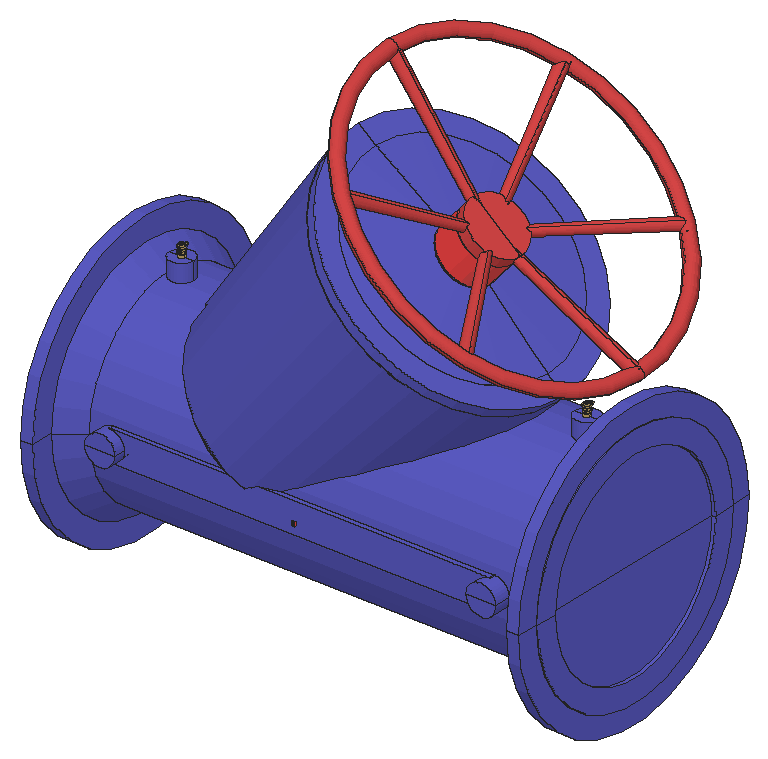
Revit family "HERZ Strömax Commissioning Valve With Test Points, Inclined Body 4218 GF PN16", category Rohrzubehör, Revit 2021
Family settings
  Bemaßung runder Anschluss = Durchmesser verwenden
  Teiletyp = Unterbricht
  OmniClass-Nummer = 23.65.55.14
  OmniClass-Titel = Valves for Liquid Services
  Arbeitsebenenbasiert = Nein
  Immer vertikal = Ja
  Beim Laden mit Abzugskörper schneiden = Nein
  Gemeinsam genutzt = Nein
Parameters
  kvs-value [instance] = if(Nennweite = 350.00 mm, 2917.6, if(Nennweite = 400.00 mm, 3854.8, if(Nennweite = 500.00 mm, 5250.6, 0)))  # 5250.6
  Vorgabe-Ansicht = 0.00 mm
  Counting device = "plastic material"  # constant formula
  W02 = 60.00°  # constant formula
  W01 = 50.00°  # constant formula
  Valve cone = "ductile iron EN-GJS-400-15 according to EN 1561 / EPDM coated"  # constant formula
  Spindle = "stainless steell"  # constant formula
  S01 [instance] = Nennweite + 10.00 mm  # 510.00 mm
  Regulating spindle = "stainless steell"  # constant formula
  Part number [instance] = size_lookup("4218_GF_16_", "Artnr", 0, Nennweite)  # 1421892
  Upper part = "ductile iron EN-GJS-400-15"  # constant formula
  O-Ring = "EPDM"  # constant formula
  Model = "STRÖMAX GF double regulating and commissioning valve with measuring valves, DN 350-500:\r\nbody nodular cast iron GJS 400-15 according to EN 1561, flange according to EN 1092, PN 16 or PN 25, blue enamel.\r\nValve upper part nodular cast iron GJS 400-15, with non-rising spindle, spindle sealing by means of a triple O-ring.\r\nPresetting steps are displayed digitally."
  Min. operating temperature = -10 °C  # constant formula
  Max. operating temperature = 110 °C  # constant formula
  Max. operating pressure = 1600000.0 Pa  # constant formula
  L04 [instance] = size_lookup("4218_GF_16_", "L4", 1.00 mm, Nennweite)  # 255.00 mm
  H11 = 85.00 mm  # constant formula
  H10 [instance] = H07 + H03  # 720.30 mm
  H08 = 47.00 mm  # constant formula
  H07 = 50.00 mm  # constant formula
  H06 = 27.00 mm  # constant formula
  H05 [instance] = H04 + 25.00 mm  # 605.00 mm
  H04 [instance] = size_lookup("4218_GF_16_", "H4", 1.00 mm, Nennweite)  # 580.00 mm
  H03 [instance] = size_lookup("4218_GF_16_", "H3", 1.00 mm, Nennweite)  # 670.30 mm
  Weight [instance] = if(Nennweite = 350.00 mm, "536.0 kg", if(Nennweite = 400.00 mm, "547.0 kg", if(Nennweite = 500.00 mm, "968.0 kg", "0")))  # "968.0 kg"
  URL = "www.herzvalves.com"
  SCRNSEQ = "ARM;ARM_TYP=\"STRV\";2"
  SCRNCODE = "05;07;02"  # constant formula
  R02 [instance] = size_lookup("4218_GF_16_", "R2", 1.00 mm, Nennweite)  # 30.00 mm
  R01 [instance] = size_lookup("4218_GF_16_", "R1", 1.00 mm, Nennweite)  # 37.50 mm
  Nennweite [instance] = 500.00 mm
  Medium = "Heating water quality according to ÖNORM H 5195 or VDI guideline 2035.\r\nEthylene and propylene glycol can be used in a ratio of 25-50 vol. [%] are mixed."
  L03 [instance] = size_lookup("4218_GF_16_", "L3", 1.00 mm, Nennweite)  # 505.00 mm
  L02 [instance] = size_lookup("4218_GF_16_", "L2", 1.00 mm, Nennweite)  # 475.00 mm
  L01 [instance] = size_lookup("4218_GF_16_", "L1", 1.00 mm, Nennweite)  # 533.50 mm
  L00 [instance] = size_lookup("4218_GF_16_", "L", 1.00 mm, Nennweite)  # 1250.00 mm
  Hersteller = "HERZ Armaturen Ges.m.b.H."  # constant formula
  H09 [instance] = H03  # 670.30 mm
  H02 [instance] = size_lookup("4218_GF_16_", "H2", 1.00 mm, Nennweite)  # 295.00 mm
  H01 [instance] = size_lookup("4218_GF_16_", "H1", 1.00 mm, Nennweite)  # 292.00 mm
  GT = 10.00 mm  # constant formula
  Field of application = "For hydraulic balancing in heating or cooling systems, regulating and shutting off distribution circuits, heat exchangers, heating and cooling terminals."
  FLL02 [instance] = size_lookup("4218_GF_16_", "FLL2", 1.00 mm, Nennweite)  # 30.00 mm
  FLL01 [instance] = size_lookup("4218_GF_16_", "FLL1", 1.00 mm, Nennweite)  # 4.00 mm
  FLD03 [instance] = size_lookup("4218_GF_16_", "FLD3", 1.00 mm, Nennweite)  # 254.00 mm
  FLD02 [instance] = size_lookup("4218_GF_16_", "FLD2", 1.00 mm, Nennweite)  # 300.00 mm
  FLD01 [instance] = size_lookup("4218_GF_16_", "FLD1", 1.00 mm, Nennweite)  # 305.00 mm
  FLD00 [instance] = size_lookup("4218_GF_16_", "FLD", 1.00 mm, Nennweite)  # 357.50 mm
  Differential pressure measurement = "The STRÖMAX GF double regulating and commissioning valve is equipped with two measuring valves:\r\nIt is possible to measure the differential pressure with suitable measuring devices and to determine the flow rate accordingly."
  DN500 [instance] = Nennweite = 500.00 mm  # yes
  DN400 [instance] = Nennweite = 400.00 mm  # no
  DN350 [instance] = Nennweite = 350.00 mm  # no
  D05 = 75.00 mm  # constant formula
  D04 [instance] = size_lookup("4218_GF_16_", "D4", 1.00 mm, Nennweite)  # 54.00 mm
  D03 [instance] = size_lookup("4218_GF_16_", "D3", 1.00 mm, Nennweite)  # 275.00 mm
  D02 [instance] = D03 - 20.00 mm  # 255.00 mm
  D01 [instance] = size_lookup("4218_GF_16_", "D1", 1.00 mm, Nennweite)  # 334.00 mm
  D00 [instance] = size_lookup("4218_GF_16_", "D", 1.00 mm, Nennweite)  # 278.00 mm
  Body = "ductile iron EN-GJS-400-15"  # constant formula
  BH02 [instance] = -BH01  # -37.50 mm
  BH01 [instance] = size_lookup("4218_GF_16_", "BH1", 1.00 mm, Nennweite)  # 37.50 mm
  Anschluss [instance] = Nennweite / 2  # 250.00 mm
Reference planes
  plane 1 "Mitte (Vorne/hinten)": y = 0
  plane 2: z = 0
  plane 3 "Mitte (Links/rechts)": x = 0
Forms (mm)
  Revolve 1, solid, material "Herz-Marineblau", detail levels fine
    sketch origin (1058.943, 0, 0) x (1, 0, 0) y (0, 1, 0)
      loop
        line (-1679.943, 357.5) -> (-1679.943, 305) -> (-1683.943, 305) -> (-1683.943, 250) -> (-1673.943, 250) -> (-1673.943, 0) -> (-443.943, 0) -> (-443.943, 250) -> (-433.943, 250) -> (-433.943, 305) -> (-437.943, 305) -> (-437.943, 357.5) -> (-467.943, 357.5) -> (-467.943, 300) -> (-525.443, 254)
        arc (-525.443, 254) -> (-1058.943, 278) -> (-1592.443, 254) r 5941.63
        line (-1592.443, 254) -> (-1649.943, 300) -> (-1649.943, 357.5) -> (-1679.943, 357.5)
      axis (-1683.943, 0) -> (-433.943, 0)
    angle from 0 to 360
  Revolve 2, solid, material "Herz-Marineblau", detail levels fine
    sketch origin (0, 0, 0) x (1, 0, 0) y (0, 1, 0)
      loop
        line (-475, 292) -> (-512.5, 292) -> (-512.5, -292) -> (-475, -292) -> (-475, 292)
      axis (-475, 292) -> (-475, -292)
    angle from 0 to 360
  Revolve 3, solid, material "Herz-Marineblau", detail levels fine
    sketch origin (0, 0, 0) x (-1, 0, 0) y (0, 1, 0)
      loop
        line (-475, 292) -> (-512.5, 292) -> (-512.5, -292) -> (-475, -292) -> (-475, 292)
      axis (-475, 292) -> (-475, -292)
    angle from 0 to 360
  Revolve 4, solid, material "Herz-Marineblau", detail levels fine
    sketch origin (0, 0, 0) x (1, 0, 0) y (0, 0, 1)
      loop
        line (-505, 0) -> (-505, 295) -> (-535, 295) -> (-535, 0) -> (-505, 0)
      axis (-505, 295) -> (-505, 0)
    angle from 0 to 360
  Revolve 5, solid, material "Herz-Marineblau", detail levels fine
    sketch origin (0, 0, 0) x (-1, 0, 0) y (0, 0, 1)
      loop
        line (-505, 0) -> (-505, 295) -> (-535, 295) -> (-535, 0) -> (-505, 0)
      axis (-505, 295) -> (-505, 0)
    angle from 0 to 360
  Extrusion 6, solid, material "Herz-Marineblau", visible <- "DN500", detail levels fine
    sketch origin (0, 0, 0) x (1, 0, 0) y (0, 1, 0)
      loop
        arc (-475, -263.998) -> (0, -282.994) -> (475, -263.998) r 5948.094
        line (475, -263.998) -> (475, 263.998)
        arc (475, 263.998) -> (0, 282.994) -> (-475, 263.998) r 5948.094
        line (-475, 263.998) -> (-475, -263.998)
    from -37.5 <- "BH02" to 37.5 <- "BH01"
  Extrusion 7, solid, material "Herz-Marineblau", visible <- "DN400", detail levels fine
    sketch origin (0, 0, 0) x (1, 0, 0) y (0, 1, 0)
      loop
        arc (-410, -209.712) -> (0, -223.005) -> (410, -209.712) r 6329.849
        line (410, -209.712) -> (410, 209.712)
        arc (410, 209.712) -> (0, 223.005) -> (-410, 209.712) r 6329.849
        line (-410, 209.712) -> (-410, -209.712)
    from -37.5 <- "BH02" to 37.5 <- "BH01"
  Extrusion 8, solid, material "Herz-Marineblau", visible <- "DN350", detail levels fine
    sketch origin (0, 0, 0) x (1, 0, 0) y (0, 1, 0)
      loop
        arc (-390, -185.916) -> (0, -255.071) -> (390, -185.916) r 1134.286
        line (390, -185.916) -> (390, 185.916)
        arc (390, 185.916) -> (0, 255.071) -> (-390, 185.916) r 1134.286
        line (-390, 185.916) -> (-390, -185.916)
    from -37.5 <- "BH02" to 37.5 <- "BH01"
  Revolve 9, solid, material "Herz-Marineblau", detail levels fine
    sketch origin (0, 0, 0) x (1, 0, 0) y (0, 0, 1)
      loop
        line (-255, 0) -> (175.861, 513.48) -> (-79.998, 728.171) -> (-407.619, 245.94) -> (-408.367, 213.934) -> (-255, 0)
      axis (-255, 0) -> (175.861, 513.48)
    angle from 0 to 360
  Revolve 10, solid, material "Herz-Marineblau", detail levels fine
    sketch origin (0, 0, 0) x (1, 0, 0) y (0, 0, 1)
      loop
        line (175.861, 513.48) -> (208, 551.782) -> (150.547, 599.991) -> (148.618, 597.693)
        arc (148.618, 597.693) -> (66.389, 659.883) -> (-21.277, 714.143) r 1105.603
        line (-21.277, 714.143) -> (-62.643, 748.854) -> (-79.998, 728.171) -> (175.861, 513.48)
      axis (208, 551.782) -> (175.861, 513.48)
    angle from 0 to 360
  Revolve 11, solid, material "Kunsstoff rot", detail levels fine
    sketch origin (0, 0, 0) x (1, 0, 0) y (0, 0, 1)
      loop
        line (208, 551.782) -> (262.637, 616.896) -> (205.184, 665.105) -> (150.547, 599.991) -> (208, 551.782)
      axis (262.637, 616.896) -> (208, 551.782)
    angle from 0 to 360
Lines and regions (mm)
  model lines, detail levels coarse+medium
    curve 1: line (-625, 0, 357.5) -> (-625, 0, -357.5)
    curve 2: line (-625, 0, -357.5) -> (625, 0, 357.5)
    curve 3: line (625, 0, 357.5) -> (625, 0, -357.5)
    curve 4: line (625, 0, -357.5) -> (-625, 0, 357.5)
    curve 5: line (0, 0, 0) -> (386.998, 0, 670.3)
    curve 6: line (166.161, 0, 797.8) -> (607.834, 0, 542.8)
    curve 7: line (-625, 357.5, 0) -> (-625, -357.5, 0)
    curve 8: line (-625, -357.5, 0) -> (625, 357.5, 0)
    curve 9: line (625, 357.5, 0) -> (625, -357.5, 0)
    curve 10: line (625, -357.5, 0) -> (-625, 357.5, 0)
    curve 11: line (0, 0, 0) -> (386.998, 670.3, 0)
    curve 12: line (166.161, 797.8, 0) -> (607.834, 542.8, 0)
Dimensions and locks
  "FLD00": plane 1 "Mitte (Vorne/hinten)" to Revolve 1 sketch curve
  "FLD01": plane 1 "Mitte (Vorne/hinten)" to Revolve 1 sketch curve
  "FLD02": plane 1 "Mitte (Vorne/hinten)" to Revolve 1 sketch curve  (x2)
  "FLD03": plane 1 "Mitte (Vorne/hinten)" to Revolve 1 sketch curve  (x2)
  "GT": Revolve 1 sketch curve to Revolve 1 sketch curve  (x2)
  "FLL01": Revolve 1 sketch curve to Revolve 1 sketch curve  (x2)
  "FLL02": Revolve 1 sketch curve to Revolve 1 sketch curve  (x2)
  equal spacing: Revolve 1 sketch curve, plane 3 "Mitte (Links/rechts)", Revolve 1 sketch curve
  "Anschluss": Revolve 1 sketch curve to plane 1 "Mitte (Vorne/hinten)"
  "Anschluss": plane 1 "Mitte (Vorne/hinten)" to Revolve 1 sketch curve
  "FLD01": Revolve 1 sketch curve to plane 1 "Mitte (Vorne/hinten)"
  "FLD00": Revolve 1 sketch curve to plane 1 "Mitte (Vorne/hinten)"
  "L00": Revolve 1 sketch curve to Revolve 1 sketch curve
  "D00": plane 1 "Mitte (Vorne/hinten)" to Revolve 1 sketch curve
  "L01": Revolve 1 sketch curve to plane 3 "Mitte (Links/rechts)" to Revolve 1 sketch curve
  "L02": Revolve 2 sketch curve to plane 3 "Mitte (Links/rechts)"
  "R01": Revolve 2 sketch curve to Revolve 2 sketch curve
  "H01": Revolve 2 sketch curve to plane 1 "Mitte (Vorne/hinten)" to Revolve 2 sketch curve
  "L02": plane 3 "Mitte (Links/rechts)" to Revolve 3 sketch curve
  "R01": Revolve 3 sketch curve to Revolve 3 sketch curve
  "H01": Revolve 3 sketch curve to plane 1 "Mitte (Vorne/hinten)" to Revolve 3 sketch curve
  "L03": plane 3 "Mitte (Links/rechts)" to Revolve 4 sketch curve
  "R02": Revolve 4 sketch curve to Revolve 4 sketch curve
  "H02": Revolve 4 sketch curve to plane 2
  "R02": Revolve 5 sketch curve to Revolve 5 sketch curve
  "L03": Revolve 5 sketch curve to plane 3 "Mitte (Links/rechts)"
  "H02": Revolve 5 sketch curve to plane 2
  "L03": plane 3 "Mitte (Links/rechts)" to nested 1
  "L03": nested 2 to plane 3 "Mitte (Links/rechts)"
  "H02": nested 1 to plane 2
  "H02": nested 2 to plane 2
  "FLD00": curve 4 to plane 2 to curve 2
  "FLD00": curve 3 to plane 2 to curve 4
  equal spacing: curve 1, plane 3 "Mitte (Links/rechts)", curve 3
  "L00": curve 1 to curve 3
  "H09": curve 5 to plane 2
  equal spacing: curve 1, curve 5, curve 3
  equal spacing: curve 6, curve 5, curve 6
  "S01": curve 6 to curve 6
  "FLD00": curve 8 to plane 1 "Mitte (Vorne/hinten)" to curve 10
  "FLD00": curve 10 to plane 1 "Mitte (Vorne/hinten)" to curve 9
  equal spacing: curve 7, plane 3 "Mitte (Links/rechts)", curve 9
  "L00": curve 7 to curve 9
  equal spacing: curve 7, curve 11, curve 9
  "H09": plane 1 "Mitte (Vorne/hinten)" to curve 11
  equal spacing: curve 12, curve 11, curve 12
  "S01": curve 12 to curve 12
  "L04": plane 3 "Mitte (Links/rechts)" to Revolve 9 sketch curve  (x2)
  "H03": Revolve 9 sketch curve to Revolve 9 sketch curve
  "D02": Revolve 9 sketch curve to Revolve 9 sketch curve
  "H05": Revolve 9 sketch curve to Revolve 9 sketch curve
  "H04": Revolve 9 sketch curve to Revolve 9 sketch curve
  "D03": Revolve 9 sketch curve to Revolve 9 sketch curve
  "H03": Revolve 10 sketch curve to Revolve 10 sketch curve
  "D01": Revolve 10 sketch curve to Revolve 10 sketch curve  (x2)
  "D04": Revolve 10 sketch curve to Revolve 10 sketch curve
  "D05": Revolve 10 sketch curve to Revolve 10 sketch curve
  "H06": Revolve 9 to Revolve 10 sketch curve
  "H07": Revolve 9 to Revolve 10 sketch curve
  "H08": Revolve 9 to Revolve 10 sketch curve
  "L04": plane 3 "Mitte (Links/rechts)" to Revolve 10 sketch curve
  "D01": Revolve 9 sketch curve to Revolve 9 sketch curve
  "L04": plane 3 "Mitte (Links/rechts)" to Revolve 11 sketch curve
  "H11": Revolve 10 to Revolve 11 sketch curve
  "D05": Revolve 11 sketch curve to Revolve 11 sketch curve  (x2)
  "H10": Revolve 11 sketch curve to Revolve 11 sketch curve
  "W02": angle plane 2 to curve 5
  "W02": angle plane 1 "Mitte (Vorne/hinten)" to curve 11
  "W01": angle plane 2 to Revolve 9 sketch curve  (x2)
  "W01": angle plane 2 to Revolve 10 sketch curve  (x2)
  "W01": angle plane 2 to Revolve 11 sketch curve  (x2)
  aligned and locked: level to plane 2
Automatic sketch dimensions
  Extrusion 6 sketch curve to plane 3 "Mitte (Links/rechts)" = 0.00 mm  (x2)
  plane 1 "Mitte (Vorne/hinten)" to Extrusion 6 sketch curve = 263.998 mm
  Extrusion 6 sketch curve to plane 3 "Mitte (Links/rechts)" = 475.00 mm
  Extrusion 6 sketch curve to Extrusion 6 sketch curve = 5401.102 mm
  Extrusion 6 sketch curve to plane 1 "Mitte (Vorne/hinten)" = 5665.10 mm
  Extrusion 6 sketch curve to plane 1 "Mitte (Vorne/hinten)" = 263.998 mm  (x2)
  Extrusion 7 sketch curve to plane 3 "Mitte (Links/rechts)" = 0.00 mm  (x2)
  plane 1 "Mitte (Vorne/hinten)" to Extrusion 7 sketch curve = 209.712 mm  (x2)
  Extrusion 7 sketch curve to plane 3 "Mitte (Links/rechts)" = 410.00 mm
  Extrusion 7 sketch curve to Extrusion 7 sketch curve = 5897.131 mm
  Extrusion 7 sketch curve to plane 1 "Mitte (Vorne/hinten)" = 6106.844 mm
  Extrusion 7 sketch curve to plane 1 "Mitte (Vorne/hinten)" = 209.712 mm
  Extrusion 8 sketch curve to plane 3 "Mitte (Links/rechts)" = 0.00 mm  (x2)
  plane 1 "Mitte (Vorne/hinten)" to Extrusion 8 sketch curve = 185.916 mm
  Extrusion 8 sketch curve to plane 3 "Mitte (Links/rechts)" = 390.00 mm
  Extrusion 8 sketch curve to Extrusion 8 sketch curve = 693.298 mm
  Extrusion 8 sketch curve to plane 1 "Mitte (Vorne/hinten)" = 879.214 mm
  Extrusion 8 sketch curve to plane 1 "Mitte (Vorne/hinten)" = 185.916 mm  (x2)
  plane 1 "Mitte (Vorne/hinten)" to Revolve 1 sketch curve = 0.00 mm  (x2)
  Revolve 1 sketch curve to Revolve 1 sketch curve = 35.00 mm
  Revolve 1 sketch curve to Revolve 1 sketch curve = 40.00 mm
  Revolve 2 sketch curve to Revolve 2 sketch curve = 0.00 mm  (x3)
  Revolve 3 sketch curve to Revolve 3 sketch curve = 0.00 mm  (x3)
  Revolve 4 sketch curve to level = 0.00 mm  (x2)
  Revolve 4 sketch curve to Revolve 4 sketch curve = 0.00 mm  (x2)
  Revolve 5 sketch curve to level = 0.00 mm  (x2)
  Revolve 5 sketch curve to Revolve 5 sketch curve = 0.00 mm  (x2)
  Revolve 9 sketch curve to level = 0.00 mm  (x2)
  Revolve 10 sketch curve to level = 0.00 mm
  Revolve 10 sketch curve to level = 252.062 mm
  Revolve 11 sketch curve to level = 0.00 mm
Nested families
  nested 1: "Messstutzen_Band_Eintritt_senkrecht_(oben)" at (-505, 0, 286), type "Messstutzen_Band_Eintritt_senkrecht_(oben)", detail levels fine
    with Schutzkappe yes, Nennweite 0.00 mm, Gewicht 0.00 kg, Bestellnummer 0
  nested 2: "Messstutzen_Band_Austritt_senkrecht_(oben)" at (505, 0, 286), type "Messstutzen_Band_Austritt_senkrecht_(oben)", detail levels fine
    with Schutzkappe yes, Nennweite 0.00 mm, Gewicht 0.00 kg, Bestellnummer 0
  nested 3: "Herz-Logo-vorne" at (0, -282.994, 0) x (0, 1, 0) z (0, 0, 1), visible <- "DN500", type "Herz-Logo-vorne", detail levels fine
  nested 4: "Herz-Logo-vorne" at (0, -221.503, 0) x (0, 1, 0) z (0, 0, 1), visible <- "DN400", type "Herz-Logo-vorne", detail levels fine
  nested 5: "Herz-Logo-vorne" at (0, -255.053, 0) x (0, 1, 0) z (0, 0, 1), visible <- "DN350", type "Herz-Logo-vorne", detail levels fine
  nested 6: "Strangregulierventil-Handrad_VOLL-Schräg (Rot) DN350-DN400" at (211.704, 0, 501.376), visible <- "DN350", type "Strangregulierventil-Handrad_VOLL-Schräg (Rot) DN350-DN400"
    with DN300 yes
  nested 7: "Strangregulierventil-Handrad_VOLL-Schräg (Rot) DN350-DN400" at (230.272, 0, 547.339), visible <- "DN400", type "Strangregulierventil-Handrad_VOLL-Schräg (Rot) DN350-DN400"
    with DN300 yes
  nested 8: "Strangregulierventil-Handrad_VOLL-Schräg (Rot) DN500" at (262.637, 0, 616.896), visible <- "DN500", type "Strangregulierventil-Handrad_VOLL-Schräg (Rot) DN500", detail levels fine
    with DN300 yes
Connectors
  piping at (-625, 0, 0), diameter 500, driven by "Nennweite"
    settings: on Revolve 1, index 1, connector inside diameter 609.6 mm, connector length 0.00 mm, flow factor 0, pipe flow 0.0 L/s, pressure drop 0.0 Pa, fitting loss kfactor 0, connector angle 0.00°, fixture units 0, engagement length 0.00 mm, angle of deflection 0.00°, flow configuration 0, flow direction 1, fitting loss method 0, system type 29, joint type 0, gender type 0, connector reference index -1, connector utility 0, adjustable connector no, is connector primary yes, connector description ""
  piping at (625, 0, 0), diameter 500, driven by "Nennweite"
    settings: on Revolve 1, index 2, connector inside diameter 609.6 mm, connector length 0.00 mm, flow factor 0, pipe flow 0.0 L/s, pressure drop 0.0 Pa, fitting loss kfactor 0, connector angle 0.00°, fixture units 0, engagement length 0.00 mm, angle of deflection 0.00°, flow configuration 0, flow direction 2, fitting loss method 0, system type 29, joint type 0, gender type 0, connector reference index -1, connector utility 0, adjustable connector no, is connector primary no, connector description ""
Definition of nested family "Messstutzen_Band_Eintritt_senkrecht_(oben)"
  Parameters (values of type "Messstutzen_Band_Eintritt_senkrecht_(oben)")
    Default Elevation = 0.00 mm
    URL = "www.herz-armaturen.at"
    Schutzkappe [instance] = yes
    Nennweite [instance] = 0.00 mm
    Manufacturer = "Herz Armaturen GmbH"  # constant formula
    Gewicht [instance] = 0.00 kg
    Bestellnummer [instance] = 0
  Reference planes
    plane 1 "Mitte (Vorne/hinten)": y = 0
    plane 2: z = 0
    plane 3 "Mitte (Links/rechts)": x = 0
    plane 4 "Schlaufe 1": z = -27
    plane 5 "Schlaufe 2": z = -31.678
  Forms (mm)
    Revolve 1, solid, detail levels fine
      sketch origin (0, 0, 0) x (1, 0, 0) y (0, 0, 1)
        loop
          line (-7.4, 9) -> (-5.55, 9) -> (-5.55, 6)
          arc (-5.55, 6) -> (-5.626, 5.617) -> (-5.843, 5.293) r 1
          line (-5.843, 5.293) -> (-6.455, 4.681) -> (-6.455, 0.9) -> (-5.555, 0) -> (-2, 0) -> (-2, 17.5) -> (-8.4, 17.5)
          arc (-8.4, 17.5) -> (-7.693, 17.207) -> (-7.4, 16.5) r 1
          line (-7.4, 16.5) -> (-7.4, 9)
        loop
          line (-3.7, 27) -> (-7.3, 27) -> (-7.9, 26.4) -> (-7.9, 23) -> (-2, 23) -> (-2, 35.8) -> (-3.805, 35.8) -> (-4.415, 35.19) -> (-4.415, 30.863) -> (-3.7, 30.45) -> (-3.7, 27)
        axis (0, 0) -> (0, 35.8)
      angle from 0 to 360
    Extrusion 2, solid, detail levels fine
      sketch origin (0, 0, 17.5) x (0, 1, 0) y (-1, 0, 0)
        loop
          arc (-7.07, 5.156) -> (-7.578, 4.375) -> (-8, 3.544) r 8.75
          line (-8, 3.544) -> (-8, -3.544)
          arc (-8, -3.544) -> (-7.578, -4.375) -> (-7.07, -5.156) r 8.75
          line (-7.07, -5.156) -> (-0.93, -8.7)
          arc (-0.93, -8.7) -> (0, -8.75) -> (0.93, -8.7) r 8.75
          line (0.93, -8.7) -> (7.07, -5.156)
          arc (7.07, -5.156) -> (7.578, -4.375) -> (8, -3.544) r 8.75
          line (8, -3.544) -> (8, 3.544)
          arc (8, 3.544) -> (7.578, 4.375) -> (7.07, 5.156) r 8.75
          line (7.07, 5.156) -> (0.93, 8.7)
          arc (0.93, 8.7) -> (0, 8.75) -> (-0.93, 8.7) r 8.75
          line (-0.93, 8.7) -> (-7.07, 5.156)
      from 0 to 5.5
    Revolve 3, solid, visible <- "Schutzkappe", detail levels fine
      sketch origin (0, 0, 0) x (1, 0, 0) y (0, 0, 1)
        loop
          line (0, 35.878) -> (0, 36.678) -> (-7, 36.678) -> (-7, 33.378) -> (-6.1, 33.378) -> (-6.1, 31.678) -> (-6.9, 31.678) -> (-6.9, 30.178) -> (-4.415, 30.178) -> (-4.415, 35.268) -> (-3.805, 35.878) -> (0, 35.878)
        axis (0, 30.178) -> (0, 36.678)
      angle from 0 to 360
    Extrusion 4, solid, detail levels fine
      sketch origin (0, 0, 28.5) x (1, 0, 0) y (0, 1, 0)
        loop
          circle (0, 0) r 3.7
        loop
          arc (-3.906, 5.505) -> (0, -6.75) -> (3.906, 5.505) r 6.75
          arc (3.906, 5.505) -> (2.358, 7.288) -> (1.8, 9.582) r 5
          line (1.8, 9.582) -> (-1.8, 9.582)
          arc (-1.8, 9.582) -> (-2.358, 7.288) -> (-3.906, 5.505) r 5
      from 0 to -1.5
    Extrusion 5, solid, detail levels fine
      sketch origin (0, 0, 33.178) x (1, 0, 0) y (0, 1, 0)
        loop
          circle (0, 0) r 6.1
        loop
          arc (-4.495, 8.652) -> (0, -9.75) -> (4.495, 8.652) r 9.75
          arc (4.495, 8.652) -> (2.527, 10.493) -> (1.8, 13.089) r 5
          line (1.8, 13.089) -> (-1.8, 13.089)
          arc (-1.8, 13.089) -> (-2.527, 10.493) -> (-4.495, 8.652) r 5
      from 0 to -1.5
    Sweep 6, solid, detail levels fine
      path origin (0, 0, 0) x (0, 0, -1) y (0, -1, 0)
        loop
          line (-27.75, -9.582) -> (-27.75, -14.522)
          arc (-27.75, -14.522) -> (-30.089, -16.862) -> (-32.428, -14.522) r 2.339
          line (-32.428, -14.522) -> (-32.428, -13.089)
      profile origin (0, 12.052, 27.75) x (0, 0, 1) y (1, 0, 0)
        loop
          line (-0.75, -1.8) -> (0.75, -1.8) -> (0.75, 1.8) -> (-0.75, 1.8) -> (-0.75, -1.8)
  Dimensions and locks
    aligned and locked: level to plane 2
Definition of nested family "Messstutzen_Band_Austritt_senkrecht_(oben)"
  Parameters (values of type "Messstutzen_Band_Austritt_senkrecht_(oben)")
    Default Elevation = 0.00 mm
    URL = "www.herz-armaturen.at"
    Schutzkappe [instance] = yes
    Nennweite [instance] = 0.00 mm
    Manufacturer = "Herz Armaturen GmbH"  # constant formula
    Gewicht [instance] = 0.00 kg
    Bestellnummer [instance] = 0
  Reference planes
    plane 1 "Mitte (Vorne/hinten)": y = 0
    plane 2: z = 0
    plane 3 "Mitte (Links/rechts)": x = 0
    plane 4 "Schlaufe 1": z = -27
    plane 5 "Schlaufe 2": z = -31.678
  Forms (mm)
    Revolve 1, solid, detail levels fine
      sketch origin (0, 0, 0) x (1, 0, 0) y (0, 0, 1)
        loop
          line (-7.4, 9) -> (-5.55, 9) -> (-5.55, 6)
          arc (-5.55, 6) -> (-5.626, 5.617) -> (-5.843, 5.293) r 1
          line (-5.843, 5.293) -> (-6.455, 4.681) -> (-6.455, 0.9) -> (-5.555, 0) -> (-2, 0) -> (-2, 17.5) -> (-8.4, 17.5)
          arc (-8.4, 17.5) -> (-7.693, 17.207) -> (-7.4, 16.5) r 1
          line (-7.4, 16.5) -> (-7.4, 9)
        loop
          line (-3.7, 27) -> (-7.3, 27) -> (-7.9, 26.4) -> (-7.9, 23) -> (-2, 23) -> (-2, 35.8) -> (-3.805, 35.8) -> (-4.415, 35.19) -> (-4.415, 30.863) -> (-3.7, 30.45) -> (-3.7, 27)
        axis (0, 0) -> (0, 35.8)
      angle from 0 to 360
    Extrusion 2, solid, detail levels fine
      sketch origin (0, 0, 17.5) x (0, 1, 0) y (-1, 0, 0)
        loop
          arc (-7.07, 5.156) -> (-7.578, 4.375) -> (-8, 3.544) r 8.75
          line (-8, 3.544) -> (-8, -3.544)
          arc (-8, -3.544) -> (-7.578, -4.375) -> (-7.07, -5.156) r 8.75
          line (-7.07, -5.156) -> (-0.93, -8.7)
          arc (-0.93, -8.7) -> (0, -8.75) -> (0.93, -8.7) r 8.75
          line (0.93, -8.7) -> (7.07, -5.156)
          arc (7.07, -5.156) -> (7.578, -4.375) -> (8, -3.544) r 8.75
          line (8, -3.544) -> (8, 3.544)
          arc (8, 3.544) -> (7.578, 4.375) -> (7.07, 5.156) r 8.75
          line (7.07, 5.156) -> (0.93, 8.7)
          arc (0.93, 8.7) -> (0, 8.75) -> (-0.93, 8.7) r 8.75
          line (-0.93, 8.7) -> (-7.07, 5.156)
      from 0 to 5.5
    Revolve 3, solid, visible <- "Schutzkappe", detail levels fine
      sketch origin (0, 0, 0) x (1, 0, 0) y (0, 0, 1)
        loop
          line (0, 35.878) -> (0, 36.678) -> (-7, 36.678) -> (-7, 33.378) -> (-6.1, 33.378) -> (-6.1, 31.678) -> (-6.9, 31.678) -> (-6.9, 30.178) -> (-4.415, 30.178) -> (-4.415, 35.268) -> (-3.805, 35.878) -> (0, 35.878)
        axis (0, 30.178) -> (0, 36.678)
      angle from 0 to 360
    Extrusion 4, solid, detail levels fine
      sketch origin (0, 0, 28.5) x (1, 0, 0) y (0, 1, 0)
        loop
          circle (0, 0) r 3.7
        loop
          arc (-3.906, 5.505) -> (0, -6.75) -> (3.906, 5.505) r 6.75
          arc (3.906, 5.505) -> (2.358, 7.288) -> (1.8, 9.582) r 5
          line (1.8, 9.582) -> (-1.8, 9.582)
          arc (-1.8, 9.582) -> (-2.358, 7.288) -> (-3.906, 5.505) r 5
      from 0 to -1.5
    Extrusion 5, solid, detail levels fine
      sketch origin (0, 0, 33.178) x (1, 0, 0) y (0, 1, 0)
        loop
          circle (0, 0) r 6.1
        loop
          arc (-4.495, 8.652) -> (0, -9.75) -> (4.495, 8.652) r 9.75
          arc (4.495, 8.652) -> (2.527, 10.493) -> (1.8, 13.089) r 5
          line (1.8, 13.089) -> (-1.8, 13.089)
          arc (-1.8, 13.089) -> (-2.527, 10.493) -> (-4.495, 8.652) r 5
      from 0 to -1.5
    Sweep 6, solid, detail levels fine
      path origin (0, 0, 0) x (0, 0, -1) y (0, -1, 0)
        loop
          line (-27.75, -9.582) -> (-27.75, -14.522)
          arc (-27.75, -14.522) -> (-30.089, -16.862) -> (-32.428, -14.522) r 2.339
          line (-32.428, -14.522) -> (-32.428, -13.089)
      profile origin (0, 12.052, 27.75) x (0, 0, 1) y (1, 0, 0)
        loop
          line (-0.75, -1.8) -> (0.75, -1.8) -> (0.75, 1.8) -> (-0.75, 1.8) -> (-0.75, -1.8)
  Dimensions and locks
    aligned and locked: level to plane 2
Definition of nested family "Herz-Logo-vorne"
  Parameters (values of type "Herz-Logo-vorne")
    Default Elevation = 0.00 mm
  Reference planes
    plane 1 "Mitte (Vorne/hinten)": y = 0
    plane 2: z = 0
    plane 3 "Mitte (Links/rechts)": x = 0
  Forms (mm)
    Extrusion 1, solid
      sketch origin (0.732, -0.018, 0.017) x (0, -1, 0) y (0, 0, 1)
        loop
          line (-0.018, -4.517) -> (4.482, -4.517) -> (4.482, 4.483) -> (-4.518, 4.483) -> (-4.518, -4.517) -> (-0.018, -4.517)
        loop
          line (-0.05, -3.48) -> (3.482, -3.48) -> (3.482, 3.483) -> (-3.518, 3.483) -> (-3.518, -3.48) -> (-0.05, -3.48)
        loop
          arc (-0.018, 2.383) -> (-1.543, 3.287) -> (-3.067, 2.383) r 1.738
          arc (-3.067, 2.383) -> (-3.191, 1.899) -> (-3.067, 1.415) r 1.009
          line (-3.067, 1.415) -> (-0.018, -3.281) -> (3.032, 1.415)
          arc (3.032, 1.415) -> (3.156, 1.899) -> (3.032, 2.383) r 1.009
          arc (3.032, 2.383) -> (1.507, 3.287) -> (-0.018, 2.383) r 1.738
        loop
          arc (1.885, 1.272) -> (2.005, 1.675) -> (1.885, 2.079) r 0.74
          arc (1.885, 2.079) -> (1.265, 2.416) -> (0.644, 2.079) r 0.74
          line (0.644, 2.079) -> (-0.018, 0.97) -> (-0.679, 2.079)
          arc (-0.679, 2.079) -> (-1.3, 2.416) -> (-1.921, 2.079) r 0.74
          arc (-1.921, 2.079) -> (-2.04, 1.675) -> (-1.921, 1.272) r 0.74
          line (-1.921, 1.272) -> (-0.018, -1.658) -> (1.885, 1.272)
      from 0 to 1.5
  Dimensions and locks
    aligned and locked: level to plane 2
Definition of nested family "Strangregulierventil-Handrad_VOLL-Schräg (Rot) DN350-DN400"
  Parameters (values of type "Strangregulierventil-Handrad_VOLL-Schräg (Rot) DN350-DN400")
    Default Elevation = 0.00 mm
    DN300 [instance] = yes
  Reference planes
    plane 1 "Mitte (Vorne/hinten)": y = 0
    plane 2: z = 0
    plane 3 "Mitte (Links/rechts)": x = 0
  Forms (mm)
    Revolve 1, solid, detail levels fine
      sketch origin (0, 0, 0) x (0.766044, 0, -0.642788) y (0.642788, 0, 0.766044)
        loop
          line (0, 0) -> (0, 30) -> (-75, 30) -> (-75, 0) -> (0, 0)
        loop
          line (-316.85, 58.85) -> (-316.85, 42.85) -> (-280.85, 42.85) -> (-280.85, 58.85)
          arc (-280.85, 58.85) -> (-298.85, 76.85) -> (-316.85, 58.85) r 18
        axis (0, 58.85) -> (0, 0)
      angle from 0 to 360
    Revolve 2, solid, detail levels fine
      sketch origin (0, 0, 0) x (0.766044, 0, -0.642788) y (0.642788, 0, 0.766044)
        loop
          line (299.245, 74.817) -> (49.107, 26.195) -> (50.831, 16.343) -> (301.153, 65.001) -> (299.245, 74.817)
        axis (50.832, 16.338) -> (301.154, 64.996)
      angle from 0 to 360
    Revolve 3, solid, detail levels fine
      sketch origin (0, 0, 0) x (0.236721, 0.951057, -0.198632) y (0.642788, 0, 0.766044)
        loop
          line (299.245, 74.817) -> (49.107, 26.195) -> (50.831, 16.343) -> (301.153, 65.001) -> (299.245, 74.817)
        axis (50.832, 16.338) -> (301.154, 64.996)
      angle from 0 to 360
    Revolve 4, solid, detail levels fine
      sketch origin (0, 0, 0) x (-0.619743, 0.587785, 0.520026) y (0.642788, 0, 0.766044)
        loop
          line (299.245, 74.817) -> (49.107, 26.195) -> (50.831, 16.343) -> (301.153, 65.001) -> (299.245, 74.817)
        axis (50.832, 16.338) -> (301.154, 64.996)
      angle from 0 to 360
    Revolve 5, solid, detail levels fine
      sketch origin (0, 0, 0) x (-0.619743, -0.587785, 0.520026) y (0.642788, 0, 0.766044)
        loop
          line (299.245, 74.817) -> (49.107, 26.195) -> (50.831, 16.343) -> (301.153, 65.001) -> (299.245, 74.817)
        axis (50.832, 16.338) -> (301.154, 64.996)
      angle from 0 to 360
    Revolve 6, solid, detail levels fine
      sketch origin (0, 0, 0) x (0.236721, -0.951057, -0.198632) y (0.642788, 0, 0.766044)
        loop
          line (299.245, 74.817) -> (49.107, 26.195) -> (50.831, 16.343) -> (301.153, 65.001) -> (299.245, 74.817)
        axis (50.832, 16.338) -> (301.154, 64.996)
      angle from 0 to 360
  Dimensions and locks
    Revolve 1 sketch curve to plane 2 = 255.179 mm
    Revolve 1 sketch curve to Revolve 1 sketch curve = 30.00 mm
    aligned and locked: level to plane 2
Definition of nested family "Strangregulierventil-Handrad_VOLL-Schräg (Rot) DN500"
  Parameters (values of type "Strangregulierventil-Handrad_VOLL-Schräg (Rot) DN500")
    Default Elevation = 0.00 mm
    DN300 [instance] = yes
  Reference planes
    plane 1 "Mitte (Vorne/hinten)": y = 0
    plane 2: z = 0
    plane 3 "Mitte (Links/rechts)": x = 0
  Forms (mm)
    Revolve 1, solid, detail levels fine
      sketch origin (0, 0, 0) x (0.766044, 0, -0.642788) y (0.642788, 0, 0.766044)
        loop
          line (0, 0) -> (0, 30) -> (-75, 30) -> (-75, 0) -> (0, 0)
        loop
          circle (-400, 94.75) r 16.85
        axis (0, 94.75) -> (0, 0)
      angle from 0 to 360
    Revolve 2, solid, detail levels fine
      sketch origin (0, 0, 0) x (0.766044, 0, -0.642788) y (0.642788, 0, 0.766044)
        loop
          line (400.44, 94.852) -> (397.067, 109.46) -> (48.97, 25.68) -> (51.251, 14.235) -> (400.44, 94.852)
        axis (51.251, 14.235) -> (400.44, 94.852)
      angle from 0 to 360
    Revolve 3, solid, detail levels fine
      sketch origin (0, 0, 0) x (0.383022, 0.866025, -0.321394) y (0.642788, 0, 0.766044)
        loop
          line (400.44, 94.852) -> (397.067, 109.46) -> (48.97, 25.68) -> (51.251, 14.235) -> (400.44, 94.852)
        axis (51.251, 14.235) -> (400.44, 94.852)
      angle from 0 to 360
    Revolve 4, solid, detail levels fine
      sketch origin (0, 0, 0) x (-0.383022, 0.866025, 0.321394) y (0.642788, 0, 0.766044)
        loop
          line (400.44, 94.852) -> (397.067, 109.46) -> (48.97, 25.68) -> (51.251, 14.235) -> (400.44, 94.852)
        axis (51.251, 14.235) -> (400.44, 94.852)
      angle from 0 to 360
    Revolve 5, solid, detail levels fine
      sketch origin (0, 0, 0) x (-0.766044, 0, 0.642788) y (0.642788, 0, 0.766044)
        loop
          line (400.44, 94.852) -> (397.067, 109.46) -> (48.97, 25.68) -> (51.251, 14.235) -> (400.44, 94.852)
        axis (51.251, 14.235) -> (400.44, 94.852)
      angle from 0 to 360
    Revolve 6, solid, detail levels fine
      sketch origin (0, 0, 0) x (-0.383022, -0.866025, 0.321394) y (0.642788, 0, 0.766044)
        loop
          line (400.44, 94.852) -> (397.067, 109.46) -> (48.97, 25.68) -> (51.251, 14.235) -> (400.44, 94.852)
        axis (51.251, 14.235) -> (400.44, 94.852)
      angle from 0 to 360
    Revolve 7, solid, detail levels fine
      sketch origin (0, 0, 0) x (0.383022, -0.866025, -0.321394) y (0.642788, 0, 0.766044)
        loop
          line (400.44, 94.852) -> (397.067, 109.46) -> (48.97, 25.68) -> (51.251, 14.235) -> (400.44, 94.852)
        axis (51.251, 14.235) -> (400.44, 94.852)
      angle from 0 to 360
  Dimensions and locks
    Revolve 1 sketch curve to Revolve 1 sketch curve = 30.00 mm
    Revolve 1 sketch curve to Revolve 1 sketch curve = 416.85 mm
    Revolve 1 sketch curve to level = 346.548 mm
    Revolve 1 sketch curve to Revolve 1 sketch curve = 75.00 mm
    aligned and locked: level to plane 2
